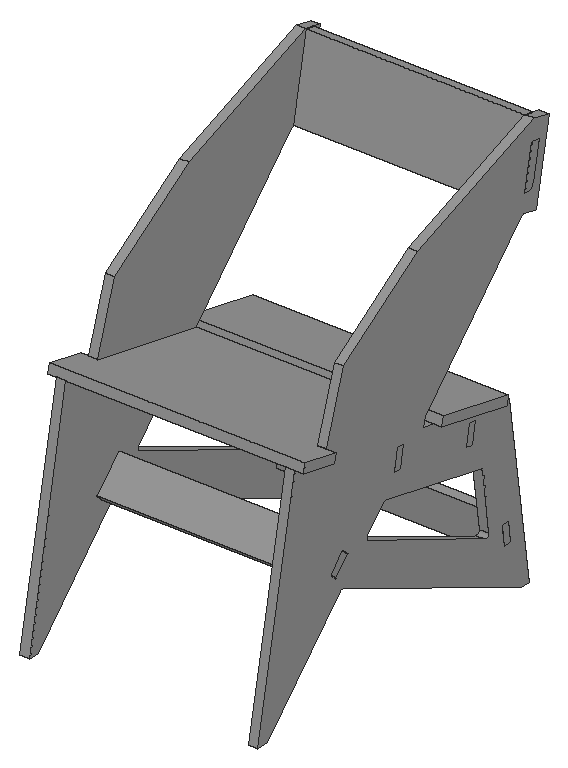
Revit family "c2e1d4b6400a499bb92d55c350820897", category Furniture, Revit 2021
Family settings
  OmniClass Number = 23.40.20.14.14.11
  OmniClass Title = Chairs
  Work Plane-Based = No
  Always vertical = Yes
  Cut with Voids When Loaded = No
  Shared = Yes
  Room Calculation Point = No
Parameters
  Material = Plywood, Finish
  Fusion 360 Link = "http://help.autodesk.com/view/RVT/2019/ENU/?contextId=oonyu_chair"
  Description = "Design by Jeremie Oonyu, African Design Center, 2016.  Permission granted for use under Creative Commons Attribution Only (CC BY)"
  Default Elevation = 0' - 0"
Reference planes (in)
  plane 1 "Center Front/Back": y = -0.02076
  plane 2: z = 0
  plane 3 "Center Left/Right": x = 0
  plane 4 "Left": x = -9.5
  plane 5 "Right": x = 9.5
Forms (in)
  Extrusion 1, solid, material "Plywood, Finish" <- "Material"
    sketch origin (8.85827, 0, 0.03858) x (0, -1, 0) y (0, 0, 1)
      loop
        line (-11.89802, 29.28186) -> (-12.57229, 29.14763) -> (-11.94994, 26.02153) -> (-11.27568, 26.15577) -> (-11.89802, 29.28186)
      loop
        line (-1.94317, 15.30154) -> (-1.8104, 14.63463) -> (-4.70632, 14.0581) -> (-4.78598, 14.45825) -> (-7.10273, 13.99703) -> (-7.02306, 13.59688) -> (-9.79327, 13.04538) -> (-11.6624, -0.03858) -> (-10.97077, -0.03858) -> (5.6428, 7.13684)
        arc (5.6428, 7.13684) -> (5.79157, 7.15236) -> (5.92256, 7.08016) r 0.25
        line (5.92256, 7.08016) -> (12.73336, -0.03858) -> (13.52076, -0.03858) -> (10.12649, 17.01104) -> (9.35424, 16.8573) -> (9.27458, 17.25745) -> (8.11621, 17.02684) -> (8.19587, 16.62669) -> (7.2651, 16.44139) -> (7.13233, 17.10831) -> (5.54844, 21.95718) -> (-1.36016, 26.54852) -> (-12.18694, 30.69467) -> (-13.47924, 30.43739) -> (-12.30117, 24.51986) -> (-11.14345, 24.75034)
        arc (-11.14345, 24.75034) -> (-11.01945, 24.74358) -> (-10.914, 24.67798) r 0.25
        line (-10.914, 24.67798) -> (-1.94317, 15.30154)
      loop
        line (-9.11509, 4.89587) -> (-9.79568, 4.99309) -> (-10.02379, 3.39631) -> (-9.3432, 3.29908) -> (-9.11509, 4.89587)
      loop
        line (-6.08855, 13.08043) -> (-6.76282, 12.94619) -> (-6.44795, 11.36459) -> (-5.77368, 11.49883) -> (-6.08855, 13.08043)
      loop
        line (0.60793, 14.41358) -> (-0.05898, 14.28081) -> (0.25588, 12.6992) -> (0.9228, 12.83197) -> (0.60793, 14.41358)
      loop
        line (5.69806, 9.73307) -> (5.2013, 9.25779) -> (6.30924, 8.09976) -> (6.80601, 8.57503) -> (5.69806, 9.73307)
      loop
        line (1.7056, 11.32033) -> (-7.13984, 9.55936)
        arc (-7.13984, 9.55936) -> (-7.27256, 9.48606) -> (-7.33851, 9.34953) r 0.25
        line (-7.33851, 9.34953) -> (-7.9762, 4.88574)
        arc (-7.9762, 4.88574) -> (-7.8805, 4.65174) -> (-7.62958, 4.62087) r 0.25
        line (-7.62958, 4.62087) -> (3.29485, 9.33915)
        arc (3.29485, 9.33915) -> (3.44075, 9.51902) -> (3.37637, 9.74149) r 0.25
        line (3.37637, 9.74149) -> (1.93505, 11.24797)
        arc (1.93505, 11.24797) -> (1.8296, 11.31357) -> (1.7056, 11.32033) r 0.25
    from 0 to 0.6875
  Extrusion 2, solid, material "Plywood, Finish" <- "Material"
    sketch origin (-8.17077, 0, 0.03858) x (0, -1, 0) y (0, 0, 1)
      loop
        line (-11.89802, 29.28186) -> (-12.57229, 29.14763) -> (-11.94994, 26.02153) -> (-11.27568, 26.15577) -> (-11.89802, 29.28186)
      loop
        line (-1.94317, 15.30154) -> (-1.8104, 14.63463) -> (-4.70632, 14.0581) -> (-4.78598, 14.45825) -> (-7.10273, 13.99703) -> (-7.02306, 13.59688) -> (-9.79327, 13.04538) -> (-11.6624, -0.03858) -> (-10.97077, -0.03858) -> (5.6428, 7.13684)
        arc (5.6428, 7.13684) -> (5.79157, 7.15236) -> (5.92256, 7.08016) r 0.25
        line (5.92256, 7.08016) -> (12.73336, -0.03858) -> (13.52076, -0.03858) -> (10.12649, 17.01104) -> (9.35424, 16.8573) -> (9.27458, 17.25745) -> (8.11621, 17.02684) -> (8.19587, 16.62669) -> (7.2651, 16.44139) -> (7.13233, 17.10831) -> (5.54844, 21.95718) -> (-1.36016, 26.54852) -> (-12.18694, 30.69467) -> (-13.47924, 30.43739) -> (-12.30117, 24.51986) -> (-11.14345, 24.75034)
        arc (-11.14345, 24.75034) -> (-11.01945, 24.74358) -> (-10.914, 24.67798) r 0.25
        line (-10.914, 24.67798) -> (-1.94317, 15.30154)
      loop
        line (-9.11509, 4.89587) -> (-9.79568, 4.99309) -> (-10.02379, 3.39631) -> (-9.3432, 3.29908) -> (-9.11509, 4.89587)
      loop
        line (-6.08855, 13.08043) -> (-6.76282, 12.94619) -> (-6.44795, 11.36459) -> (-5.77368, 11.49883) -> (-6.08855, 13.08043)
      loop
        line (0.60793, 14.41358) -> (-0.05898, 14.28081) -> (0.25588, 12.6992) -> (0.9228, 12.83197) -> (0.60793, 14.41358)
      loop
        line (5.69806, 9.73307) -> (5.2013, 9.25779) -> (6.30924, 8.09976) -> (6.80601, 8.57503) -> (5.69806, 9.73307)
      loop
        arc (-7.13984, 9.55936) -> (-7.27256, 9.48606) -> (-7.33851, 9.34953) r 0.25
        line (-7.33851, 9.34953) -> (-7.9762, 4.88574)
        arc (-7.9762, 4.88574) -> (-7.8805, 4.65174) -> (-7.62958, 4.62087) r 0.25
        line (-7.62958, 4.62087) -> (3.29485, 9.33915)
        arc (3.29485, 9.33915) -> (3.44075, 9.51902) -> (3.37637, 9.74149) r 0.25
        line (3.37637, 9.74149) -> (1.93505, 11.24797)
        arc (1.93505, 11.24797) -> (1.8296, 11.31357) -> (1.7056, 11.32033) r 0.25
        line (1.7056, 11.32033) -> (-7.13984, 9.55936)
    from 0 to 0.6875
  Extrusion 3, solid, material "Plywood, Finish" <- "Material"
    sketch origin (0, 6.50407, -1.29484) x (0, -0.19525, -0.980753) y (1, 0, 0)
      loop
        line (-32.52124, 8.17077) -> (-32.52124, -8.17077) -> (-31.07921, -8.17077) -> (-31.07921, -8.85827) -> (-27.89177, -8.85827) -> (-27.89177, -8.17077) -> (-26.48758, -8.17077) -> (-26.48758, 8.17077) -> (-27.89177, 8.17077) -> (-27.89177, 8.85827) -> (-31.07921, 8.85827) -> (-31.07921, 8.17077) -> (-32.52124, 8.17077)
    from 0 to 0.6875
  Extrusion 4, solid, material "Plywood, Finish" <- "Material"
    sketch origin (0, 2.87882, 14.4605) x (0, 0.980753, -0.19525) y (-1, 0, 0)
      loop
        line (-0.09761, 9.5) -> (-0.09761, -9.5) -> (6.01706, -9.5) -> (6.01706, 9.5) -> (-0.09761, 9.5)
    from 0 to 0.6875
  Extrusion 5, solid, material "Plywood, Finish" <- "Material"
    sketch origin (0, 2.87882, 14.4605) x (0, 0.980753, -0.19525) y (-1, 0, 0)
      loop
        line (-13.253, 9.5) -> (-13.253, -9.5) -> (-10.33545, -9.5) -> (-10.33545, -8.17827) -> (-1.08186, -8.17827) -> (-1.08186, 8.17827) -> (-10.33545, 8.17827) -> (-10.33545, 9.5) -> (-13.253, 9.5)
    from 0 to 0.6875
  Extrusion 6, solid, material "Plywood, Finish" <- "Material"
    sketch origin (0, -7.35923, 7.04088) x (0, -0.691306, -0.722563) y (1, 0, 0)
      loop
        line (-3.78262, -8.17827) -> (-3.12152, -8.17827) -> (-3.12152, -8.85827) -> (-1.51884, -8.85827) -> (-1.51884, -8.17827) -> (-0.82987, -8.17827) -> (-0.82987, 8.17827) -> (-1.51884, 8.17827) -> (-1.51884, 8.85827) -> (-3.12152, 8.85827) -> (-3.12152, 8.17827) -> (-3.78262, 8.17827) -> (-3.78262, -8.17827)
    from 0 to 0.6875
  Extrusion 7, solid, material "Plywood, Finish" <- "Material"
    sketch origin (0, 10.3042, 1.47203) x (0, 0.141421, -0.989949) y (1, 0, 0)
      loop
        line (-4.24657, 8.17827) -> (-4.24657, -8.17827) -> (-3.59578, -8.17827) -> (-3.59578, -8.85827) -> (-1.98279, -8.85827) -> (-1.98279, -8.17827) -> (-1.29381, -8.17827) -> (-1.29381, 8.17827) -> (-1.98279, 8.17827) -> (-1.98279, 8.85827) -> (-3.59578, 8.85827) -> (-3.59578, 8.17827) -> (-4.24657, 8.17827)
    from 0 to 0.6875
  Extrusion 8, solid, material "Plywood, Finish" <- "Material"
    sketch origin (0, -2.68532, 0.5346) x (0, 0.19525, 0.980753) y (1, 0, 0)
      loop
        line (11.75369, -8.17827) -> (12.44266, -8.17827) -> (12.44266, -8.85827) -> (14.0553, -8.85827) -> (14.0553, -8.17827) -> (14.70644, -8.17827) -> (14.70644, -5.27024) -> (15.11444, -5.27024) -> (15.11444, -2.90803) -> (14.70644, -2.90803) -> (14.70644, 2.90803) -> (15.11444, 2.90803) -> (15.11444, 5.27024) -> (14.70644, 5.27024) -> (14.70644, 8.17827) -> (14.0553, 8.17827) -> (14.0553, 8.85827) -> (12.44266, 8.85827) -> (12.44266, 8.17827) -> (11.75369, 8.17827) -> (11.75369, -8.17827)
    from -0.68 to 0
  Extrusion 9, solid, material "Plywood, Finish" <- "Material"
    sketch origin (0, 4.01852, -0.80001) x (0, -0.19525, -0.980753) y (1, 0, 0)
      loop
        line (-11.75369, -8.17827) -> (-11.75369, 8.17827) -> (-12.44266, 8.17827) -> (-12.44266, 8.85827) -> (-14.0553, 8.85827) -> (-14.0553, 8.17827) -> (-14.70644, 8.17827) -> (-14.70644, 5.27024) -> (-15.11444, 5.27024) -> (-15.11444, 2.90803) -> (-14.70644, 2.90803) -> (-14.70644, -2.90803) -> (-15.11444, -2.90803) -> (-15.11444, -5.27024) -> (-14.70644, -5.27024) -> (-14.70644, -8.17827) -> (-14.0553, -8.17827) -> (-14.0553, -8.85827) -> (-12.44266, -8.85827) -> (-12.44266, -8.17827) -> (-11.75369, -8.17827)
    from 0 to 0.6875
Cuts and joins
  joined: Extrusion 5, Extrusion 8
Lines and regions (in)
  Masking region 1
    outline origin (0, 0, 0) x (1, 0, 0) y (0, 1, 0)
      loop
        line (-8.09053, 10.50165) -> (-8.09053, 9.02305) -> (8.0851, 9.02305) -> (8.0851, 10.50165) -> (-8.09053, 10.50165)
Dimensions and locks (in)
  cut or joined group of Extrusion 5, Extrusion 8 to cut or joined group of Extrusion 5, Extrusion 8 = 1' - 7"
  Extrusion 2 to Extrusion 2 = 2' - 3"
  equal spacing: Extrusion 2, plane 1 "Center Front/Back", Extrusion 2
  equal spacing: plane 4 "Left", plane 3 "Center Left/Right", plane 5 "Right"
  aligned and locked: level to plane 2
  aligned and locked: Extrusion 2 to Extrusion 3
  aligned and locked: Extrusion 3 to Extrusion 2
Automatic sketch dimensions
  Extrusion 1 sketch curve to level = 0' - 0"  (x2)
  Extrusion 1 sketch curve to plane 1 "Center Front/Back" = 1' - 1 1/2"
  Extrusion 1 sketch curve to Extrusion 1 sketch curve = 0' - 0.90695"
  Extrusion 1 sketch curve to Extrusion 1 sketch curve = 0' - 0.27112"
  Extrusion 1 sketch curve to Extrusion 1 sketch curve = 0' - 1.2923"
  Extrusion 1 sketch curve to Extrusion 1 sketch curve = 0' - 0.35122"
  Extrusion 1 sketch curve to Extrusion 1 sketch curve = 0' - 0.67427"  (x2)
  Extrusion 1 sketch curve to plane 1 "Center Front/Back" = 0' - 11.68316"
  Extrusion 1 sketch curve to Extrusion 1 sketch curve = 0' - 1.15772"
  Extrusion 1 sketch curve to Extrusion 1 sketch curve = 0' - 0.04881"  (x2)
  Extrusion 1 sketch curve to Extrusion 1 sketch curve = 0' - 0.69163"
  Extrusion 1 sketch curve to Extrusion 1 sketch curve = 0' - 0.22945"  (x2)
  Extrusion 1 sketch curve to Extrusion 1 sketch curve = 0' - 0.94698"
  Extrusion 1 sketch curve to Extrusion 1 sketch curve = 0' - 0.22811"
  Extrusion 1 sketch curve to Extrusion 1 sketch curve = 0' - 0.00241"
  level to Extrusion 1 sketch curve = 0' - 3.33766"
  Extrusion 1 sketch curve to Extrusion 1 sketch curve = 0' - 0.68059"
  Extrusion 1 sketch curve to Extrusion 1 sketch curve = 0' - 1.13889"
  Extrusion 1 sketch curve to Extrusion 1 sketch curve = 0' - 0.24749"  (x2)
  Extrusion 1 sketch curve to Extrusion 1 sketch curve = 0' - 0.09913"  (x3)
  Extrusion 1 sketch curve to Extrusion 1 sketch curve = 0' - 2.45476"
  Extrusion 1 sketch curve to Extrusion 1 sketch curve = 0' - 0.19867"
  Extrusion 1 sketch curve to Extrusion 1 sketch curve = 0' - 2.69054"
  Extrusion 1 sketch curve to Extrusion 1 sketch curve = 0' - 0.07966"  (x4)
  Extrusion 1 sketch curve to Extrusion 1 sketch curve = 0' - 0.26024"
  Extrusion 1 sketch curve to Extrusion 1 sketch curve = 0' - 0.31487"
  Extrusion 1 sketch curve to Extrusion 1 sketch curve = 0' - 1.30257"
  Extrusion 1 sketch curve to plane 1 "Center Front/Back" = 0' - 1.96393"
  Extrusion 1 sketch curve to Extrusion 1 sketch curve = 0' - 0.13277"  (x3)
  Extrusion 1 sketch curve to plane 1 "Center Front/Back" = 0' - 1.38092"
  Extrusion 1 sketch curve to plane 1 "Center Front/Back" = 0' - 0.07974"
  plane 1 "Center Front/Back" to Extrusion 1 sketch curve = 0' - 0.23512"
  plane 1 "Center Front/Back" to Extrusion 1 sketch curve = 0' - 0.58717"
  plane 1 "Center Front/Back" to Extrusion 1 sketch curve = 0' - 1.68484"
  Extrusion 1 sketch curve to Extrusion 1 sketch curve = 0' - 1.44131"
  Extrusion 1 sketch curve to Extrusion 1 sketch curve = 0' - 0.18064"  (x2)
  Extrusion 1 sketch curve to Extrusion 1 sketch curve = 0' - 1.82494"
  plane 1 "Center Front/Back" to Extrusion 1 sketch curve = 0' - 5.52768"
  Extrusion 1 sketch curve to Extrusion 1 sketch curve = 0' - 0.4415"
  Extrusion 1 sketch curve to Extrusion 1 sketch curve = 0' - 0.49676"
  Extrusion 1 sketch curve to Extrusion 1 sketch curve = 0' - 0.38668"
  Extrusion 1 sketch curve to Extrusion 1 sketch curve = 0' - 1.58388"
  Extrusion 1 sketch curve to Extrusion 1 sketch curve = 0' - 0.98389"
  Extrusion 1 sketch curve to Extrusion 1 sketch curve = 0' - 1.15837"
  Extrusion 1 sketch curve to Extrusion 1 sketch curve = 0' - 0.77225"
  Extrusion 1 sketch curve to Extrusion 1 sketch curve = 0' - 6.81079"
  Extrusion 1 sketch curve to Extrusion 1 sketch curve = 0' - 0.7874"
  Extrusion 1 sketch curve to Extrusion 1 sketch curve = 0' - 0.09723"
  Extrusion 1 sketch curve to Extrusion 1 sketch curve = 0' - 0.27499"
  Extrusion 1 sketch curve to Extrusion 1 sketch curve = 0' - 0.22951"  (x2)
  level to Extrusion 1 sketch curve = 0' - 6.94591"
  Extrusion 1 sketch curve to Extrusion 1 sketch curve = 0' - 0.17283"  (x3)
  Extrusion 1 sketch curve to Extrusion 1 sketch curve = 0' - 1.0196"
  Extrusion 1 sketch curve to Extrusion 1 sketch curve = 0' - 0.47527"
  Extrusion 1 sketch curve to Extrusion 1 sketch curve = 0' - 4.46379"
  Extrusion 1 sketch curve to Extrusion 1 sketch curve = 0' - 0.08136"
  Extrusion 1 sketch curve to Extrusion 1 sketch curve = 0' - 0.03536"
  Extrusion 1 sketch curve to Extrusion 1 sketch curve = 0' - 1.50648"
  Extrusion 1 sketch curve to Extrusion 1 sketch curve = 0' - 1.80523"
  Extrusion 1 sketch curve to Extrusion 1 sketch curve = 0' - 0.13423"  (x2)
  Extrusion 1 sketch curve to Extrusion 1 sketch curve = 0' - 1.37887"
  Extrusion 1 sketch curve to Extrusion 1 sketch curve = 0' - 0.09919"
  Extrusion 1 sketch curve to Extrusion 1 sketch curve = 0' - 0.65069"
  Extrusion 1 sketch curve to Extrusion 1 sketch curve = 0' - 6.70833"
  Extrusion 1 sketch curve to Extrusion 1 sketch curve = 0' - 4.84887"
  Extrusion 1 sketch curve to Extrusion 1 sketch curve = 0' - 10.50813"
  Extrusion 1 sketch curve to Extrusion 1 sketch curve = 0' - 0.01471"
  Extrusion 1 sketch curve to Extrusion 1 sketch curve = 0' - 1.27119"
  Extrusion 1 sketch curve to Extrusion 1 sketch curve = 0' - 4.59134"
  Extrusion 2 sketch curve to level = 0' - 0"  (x2)
  Extrusion 2 sketch curve to plane 1 "Center Front/Back" = 1' - 1 1/2"
  Extrusion 2 sketch curve to Extrusion 2 sketch curve = 0' - 0.90695"
  Extrusion 2 sketch curve to Extrusion 2 sketch curve = 0' - 0.27112"
  Extrusion 2 sketch curve to Extrusion 2 sketch curve = 0' - 1.2923"
  Extrusion 2 sketch curve to Extrusion 2 sketch curve = 0' - 0.35122"
  Extrusion 2 sketch curve to Extrusion 2 sketch curve = 0' - 0.67427"  (x2)
  Extrusion 2 sketch curve to plane 1 "Center Front/Back" = 0' - 11.68316"
  Extrusion 2 sketch curve to Extrusion 2 sketch curve = 0' - 1.15772"
  Extrusion 2 sketch curve to Extrusion 2 sketch curve = 0' - 0.04881"  (x2)
  Extrusion 2 sketch curve to Extrusion 2 sketch curve = 0' - 0.69163"
  Extrusion 2 sketch curve to Extrusion 2 sketch curve = 0' - 0.22945"  (x2)
  Extrusion 2 sketch curve to Extrusion 2 sketch curve = 0' - 0.94698"
  Extrusion 2 sketch curve to Extrusion 2 sketch curve = 0' - 0.22811"
  Extrusion 2 sketch curve to Extrusion 2 sketch curve = 0' - 0.00241"
  level to Extrusion 2 sketch curve = 0' - 3.33766"
  Extrusion 2 sketch curve to Extrusion 2 sketch curve = 0' - 0.68059"
  Extrusion 2 sketch curve to Extrusion 2 sketch curve = 0' - 1.13889"
  Extrusion 2 sketch curve to Extrusion 2 sketch curve = 0' - 0.24749"  (x2)
  level to Extrusion 2 sketch curve = 0' - 4.65945"
  Extrusion 2 sketch curve to Extrusion 2 sketch curve = 0' - 0.09913"  (x3)
  Extrusion 2 sketch curve to Extrusion 2 sketch curve = 0' - 2.45476"
  Extrusion 2 sketch curve to Extrusion 2 sketch curve = 0' - 0.19867"
  Extrusion 2 sketch curve to Extrusion 2 sketch curve = 0' - 2.69054"
  Extrusion 2 sketch curve to Extrusion 2 sketch curve = 0' - 0.07966"  (x4)
  Extrusion 2 sketch curve to Extrusion 2 sketch curve = 0' - 0.26024"
  Extrusion 2 sketch curve to Extrusion 2 sketch curve = 0' - 0.31487"
  Extrusion 2 sketch curve to Extrusion 2 sketch curve = 0' - 1.30257"
  Extrusion 2 sketch curve to plane 1 "Center Front/Back" = 0' - 1.96393"
  Extrusion 2 sketch curve to Extrusion 2 sketch curve = 0' - 0.13277"  (x3)
  Extrusion 2 sketch curve to plane 1 "Center Front/Back" = 0' - 1.38092"
  Extrusion 2 sketch curve to plane 1 "Center Front/Back" = 0' - 0.07974"
  plane 1 "Center Front/Back" to Extrusion 2 sketch curve = 0' - 0.23512"
  plane 1 "Center Front/Back" to Extrusion 2 sketch curve = 0' - 0.58717"
  plane 1 "Center Front/Back" to Extrusion 2 sketch curve = 0' - 1.68484"
  Extrusion 2 sketch curve to Extrusion 2 sketch curve = 0' - 1.44131"
  Extrusion 2 sketch curve to Extrusion 2 sketch curve = 0' - 0.18064"  (x2)
  Extrusion 2 sketch curve to Extrusion 2 sketch curve = 0' - 1.82494"
  plane 1 "Center Front/Back" to Extrusion 2 sketch curve = 0' - 5.52768"
  Extrusion 2 sketch curve to Extrusion 2 sketch curve = 0' - 0.4415"
  Extrusion 2 sketch curve to Extrusion 2 sketch curve = 0' - 0.49676"
  Extrusion 2 sketch curve to Extrusion 2 sketch curve = 0' - 0.38668"
  Extrusion 2 sketch curve to Extrusion 2 sketch curve = 0' - 1.58388"
  Extrusion 2 sketch curve to Extrusion 2 sketch curve = 0' - 0.98389"
  Extrusion 2 sketch curve to Extrusion 2 sketch curve = 0' - 1.15837"
  Extrusion 2 sketch curve to Extrusion 2 sketch curve = 0' - 0.77225"
  Extrusion 2 sketch curve to Extrusion 2 sketch curve = 0' - 6.81079"
  Extrusion 2 sketch curve to Extrusion 2 sketch curve = 0' - 0.7874"
  Extrusion 2 sketch curve to Extrusion 2 sketch curve = 0' - 0.09723"
  Extrusion 2 sketch curve to Extrusion 2 sketch curve = 0' - 0.22951"  (x2)
  level to Extrusion 2 sketch curve = 0' - 6.94591"
  Extrusion 2 sketch curve to Extrusion 2 sketch curve = 0' - 0.17283"  (x3)
  Extrusion 2 sketch curve to Extrusion 2 sketch curve = 0' - 1.0196"
  Extrusion 2 sketch curve to Extrusion 2 sketch curve = 0' - 0.47527"
  Extrusion 2 sketch curve to Extrusion 2 sketch curve = 0' - 4.46379"
  Extrusion 2 sketch curve to Extrusion 2 sketch curve = 0' - 0.08136"
  Extrusion 2 sketch curve to Extrusion 2 sketch curve = 0' - 0.03536"
  Extrusion 2 sketch curve to Extrusion 2 sketch curve = 0' - 1.50648"
  Extrusion 2 sketch curve to Extrusion 2 sketch curve = 0' - 1.80523"
  Extrusion 2 sketch curve to Extrusion 2 sketch curve = 0' - 0.13423"  (x2)
  Extrusion 2 sketch curve to Extrusion 2 sketch curve = 0' - 1.37887"
  Extrusion 2 sketch curve to Extrusion 2 sketch curve = 0' - 0.09919"
  Extrusion 2 sketch curve to Extrusion 2 sketch curve = 0' - 0.65069"
  Extrusion 2 sketch curve to Extrusion 2 sketch curve = 0' - 6.70833"
  Extrusion 2 sketch curve to Extrusion 2 sketch curve = 0' - 4.84887"
  Extrusion 2 sketch curve to Extrusion 2 sketch curve = 0' - 10.50813"
  Extrusion 2 sketch curve to Extrusion 2 sketch curve = 0' - 0.01471"
  Extrusion 2 sketch curve to Extrusion 2 sketch curve = 0' - 1.27119"
  Extrusion 2 sketch curve to Extrusion 2 sketch curve = 0' - 4.59134"
  Extrusion 3 sketch curve to plane 5 "Right" = 0' - 1.32923"  (x2)
  Extrusion 3 sketch curve to Extrusion 3 sketch curve = 0' - 1.44203"  (x2)
  Extrusion 3 sketch curve to plane 5 "Right" = 0' - 0.64173"
  Extrusion 3 sketch curve to Extrusion 3 sketch curve = 0' - 3.18744"  (x2)
  plane 4 "Left" to Extrusion 3 sketch curve = 0' - 1.32923"  (x2)
  Extrusion 3 sketch curve to Extrusion 3 sketch curve = 0' - 1.40419"
  plane 4 "Left" to Extrusion 3 sketch curve = 0' - 0.64173"
  Extrusion 4 sketch curve to plane 5 "Right" = 0' - 0"
  Extrusion 4 sketch curve to plane 4 "Left" = 0' - 0"
  Extrusion 4 sketch curve to Extrusion 4 sketch curve = 0' - 6.11467"
  Extrusion 5 sketch curve to plane 4 "Left" = 0' - 0"
  Extrusion 5 sketch curve to plane 5 "Right" = 0' - 0"
  Extrusion 5 sketch curve to Extrusion 5 sketch curve = 0' - 2.91755"  (x2)
  Extrusion 5 sketch curve to plane 5 "Right" = 0' - 1.32173"
  Extrusion 5 sketch curve to Extrusion 5 sketch curve = 0' - 9.25359"
  plane 4 "Left" to Extrusion 5 sketch curve = 0' - 1.32173"
  plane 4 "Left" to Extrusion 6 sketch curve = 0' - 1.32173"
  Extrusion 6 sketch curve to Extrusion 6 sketch curve = 0' - 0.6611"  (x2)
  plane 4 "Left" to Extrusion 6 sketch curve = 0' - 0.64173"
  Extrusion 6 sketch curve to Extrusion 6 sketch curve = 0' - 1.60268"  (x2)
  Extrusion 6 sketch curve to Extrusion 6 sketch curve = 0' - 0.68898"
  Extrusion 6 sketch curve to Extrusion 6 sketch curve = 0' - 0.68"
  Extrusion 6 sketch curve to plane 5 "Right" = 0' - 1.32173"  (x2)
  Extrusion 6 sketch curve to plane 5 "Right" = 0' - 0.64173"
  Extrusion 7 sketch curve to plane 5 "Right" = 0' - 1.32173"
  Extrusion 7 sketch curve to Extrusion 7 sketch curve = 0' - 0.65079"  (x2)
  Extrusion 7 sketch curve to plane 5 "Right" = 0' - 0.64173"
  Extrusion 7 sketch curve to Extrusion 7 sketch curve = 0' - 1.61299"  (x2)
  Extrusion 7 sketch curve to Extrusion 7 sketch curve = 0' - 0.68898"
  plane 4 "Left" to Extrusion 7 sketch curve = 0' - 1.32173"  (x2)
  plane 4 "Left" to Extrusion 7 sketch curve = 0' - 0.64173"
  Extrusion 7 sketch curve to Extrusion 7 sketch curve = 0' - 0.68"
  plane 4 "Left" to Extrusion 8 sketch curve = 0' - 1.32173"
  Extrusion 8 sketch curve to Extrusion 8 sketch curve = 0' - 0.68898"  (x2)
  Extrusion 8 sketch curve to Extrusion 8 sketch curve = 0' - 1.61264"  (x2)
  Extrusion 8 sketch curve to plane 5 "Right" = 0' - 0.64173"
  Extrusion 8 sketch curve to Extrusion 8 sketch curve = 0' - 0.65114"
  Extrusion 8 sketch curve to Extrusion 8 sketch curve = 0' - 0"  (x2)
  Extrusion 8 sketch curve to Extrusion 8 sketch curve = 0' - 0.408"  (x2)
  plane 4 "Left" to Extrusion 8 sketch curve = 0' - 0.64173"
  Extrusion 8 sketch curve to Extrusion 8 sketch curve = 0' - 0.68"  (x3)
  Extrusion 8 sketch curve to Extrusion 8 sketch curve = 0' - 2.90803"
  Extrusion 8 sketch curve to Extrusion 8 sketch curve = 0' - 2.3622"  (x2)
  plane 3 "Center Left/Right" to Extrusion 8 sketch curve = 0' - 2.90803"
  plane 3 "Center Left/Right" to Extrusion 9 sketch curve = 0' - 2.90803"
  Extrusion 9 sketch curve to plane 3 "Center Left/Right" = 0' - 2.90803"
  Extrusion 9 sketch curve to Extrusion 9 sketch curve = 0' - 0"
  Extrusion 9 sketch curve to Extrusion 9 sketch curve = 0' - 0.408"  (x3)
  Extrusion 9 sketch curve to plane 5 "Right" = 0' - 1.32173"
  Extrusion 9 sketch curve to Extrusion 9 sketch curve = 0' - 0.65114"  (x2)
  Extrusion 9 sketch curve to Extrusion 9 sketch curve = 0' - 1.61264"  (x2)
  Extrusion 9 sketch curve to plane 5 "Right" = 0' - 0.64173"
  Extrusion 9 sketch curve to Extrusion 9 sketch curve = 0' - 0.68898"
  Extrusion 9 sketch curve to Extrusion 9 sketch curve = 0' - 2.3622"  (x2)
  plane 4 "Left" to Extrusion 9 sketch curve = 0' - 1.32173"  (x2)
  plane 4 "Left" to Extrusion 9 sketch curve = 0' - 0.64173"
  Extrusion 9 sketch curve to Extrusion 9 sketch curve = 0' - 0.68"
  plane 4 "Left" to Masking region 1 sketch curve = 0' - 1.40947"
  Masking region 1 sketch curve to plane 5 "Right" = 0' - 1.4149"
  Masking region 1 sketch curve to plane 1 "Center Front/Back" = 0' - 9.04381"
  Masking region 1 sketch curve to Masking region 1 sketch curve = 0' - 1.4786"
